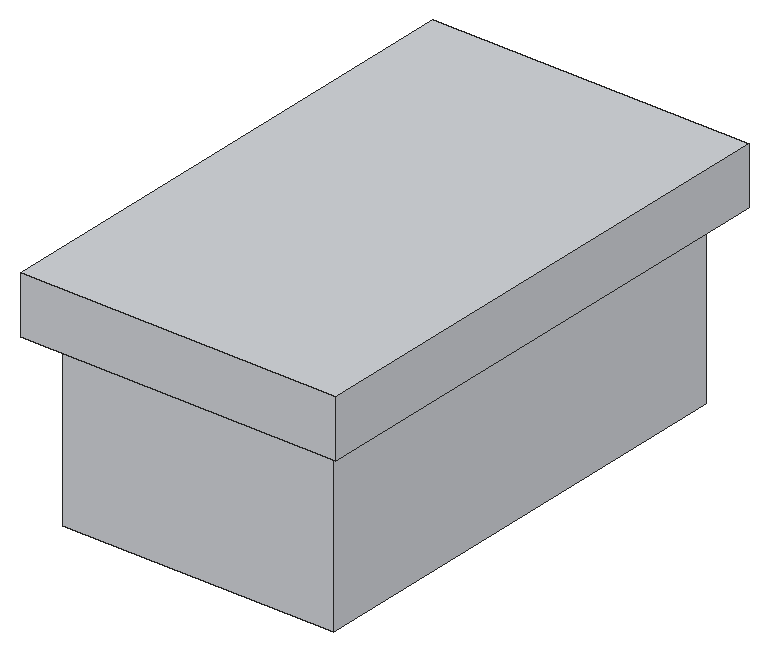
Revit family "Switch", category Lighting Devices, host Face, Revit 2025
Family settings
  Host = Face
  Round Connector Dimension = Use Diameter
  Part Type = Switch
  Cut with Voids When Loaded = No
  Maintain Annotation Orientation = Yes
  Shared = No
  Room Calculation Point = No
Parameters
  Width = 2 3/4"
  Height = 4 1/2"
  Depth = 1/2"
  Default Elevation = 48"
Reference planes (in)
  plane 1 "Center (Front/Back)": y = 0
  plane 2: z = 0
  plane 3 "Center (Left/Right)": x = 0
  plane 4: z = 0.5
  plane 5: z = -1.5
Forms (in)
  Extrusion 1, solid
    sketch origin (0, 0, 0) x (1, 0, 0) y (0, 1, 0)
      loop
        line (-1.375, 2.25) -> (-1.375, -2.25) -> (1.375, -2.25) -> (1.375, 2.25) -> (-1.375, 2.25)
    from 0 to 0.5
  Extrusion 2, solid
    sketch origin (0, 0, 0) x (1, 0, 0) y (0, 1, 0)
      loop
        line (-1.17984, 2.02921) -> (-1.17984, -2.02921) -> (1.17984, -2.02921) -> (1.17984, 2.02921) -> (-1.17984, 2.02921)
    from 0 to -1.5
Dimensions and locks (in)
  equal spacing: Extrusion 1 sketch curve, plane 3 "Center (Left/Right)", Extrusion 1 sketch curve
  equal spacing: Extrusion 1 sketch curve, plane 1 "Center (Front/Back)", Extrusion 1 sketch curve
  "Width": Extrusion 1 sketch curve to Extrusion 1 sketch curve
  "Height": Extrusion 1 sketch curve to Extrusion 1 sketch curve
  "Depth": plane 4 to plane 2
  equal spacing: Extrusion 2 sketch curve, plane 3 "Center (Left/Right)", Extrusion 2 sketch curve
  equal spacing: Extrusion 2 sketch curve, plane 1 "Center (Front/Back)", Extrusion 2 sketch curve
  aligned and locked: plane 2 to host face
  aligned and locked: level to host face
  aligned and locked: plane 4 to Extrusion 1
  aligned and locked: Extrusion 2 to plane 5
Automatic sketch dimensions
  host sketch curve to host sketch curve = 96"  (x2)
  Extrusion 2 sketch curve to plane 3 "Center (Left/Right)" = 1.17984"
  plane 1 "Center (Front/Back)" to Extrusion 2 sketch curve = 2.02921"
Nested families (in)
  nested 1: "Switch Symbol" at (0, 0, 0), type "Standard"
Definition of nested family "Switch Symbol"
  Reference planes (in)
    plane 1: y = 0
    plane 2: x = 0
  Lines and regions (in)
    detail lines
      curve 1: arc (0, 0.12499, 0) -> (0.03955, 0.0295, 0) -> (-0.05593, 0.06905, 0) r 0.05593
      curve 2: arc (0, 0.12499, 0) -> (-0.03955, 0.22047, 0) -> (0.05593, 0.18092, 0) r 0.05593
      curve 3: line (0, 0.25, 0) -> (0, 0, 0)
